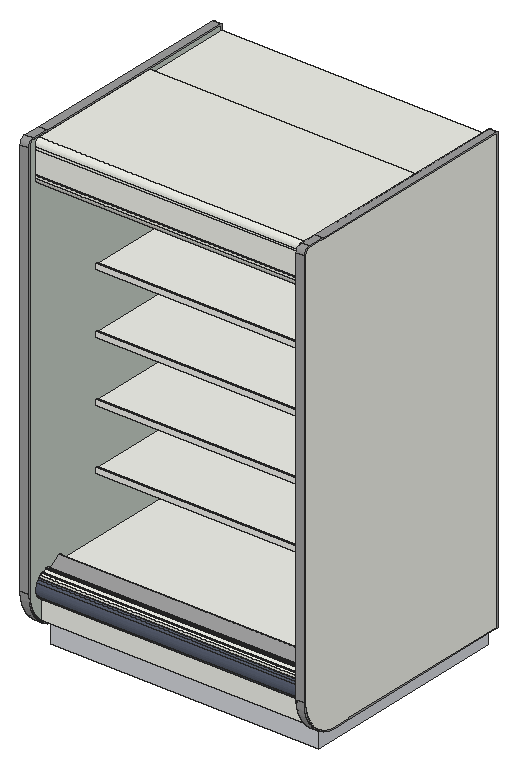
Revit family "D5X-ULEP_2014", category Specialty Equipment, Revit 2014
Parameters (values of type "4'-0" Length")
  Width = 48 3/8"
  Waste Drain = 1 1/4"  # constant formula
  URL = "www.hussmann.com"
  Type Comments = "Excel"  # constant formula
  Trim = Stainless Steel
  Total Weight = Case Weight + (2 * End Weight)  # 1000.00 lbf
  Top Clearance = 3"  # constant formula
  Splashguard = Textured Sheet Metal (Steel Painted) - 701 Black
  Shelves = Sheet Metal (Steel Painted) - 700 Interior White
  Shelf Lights [instance] = yes
  Revit Family Date = "08/24/2015"  # constant formula
  Refrigeration Lines Suction = 7/8"  # constant formula
  Refrigeration Lines Liquid = 3/8"  # constant formula
  Refrig. Suction = "Suction"
  Refrig. Liquid = "Liquid"
  Number of Supports = if(Width < 50", 2, if(Width < 100", 3, 4))  # 2
  Number of Shelves = 5  # constant formula
  Note from Manufacturer = "This model only comes in 4'-0\", 6'-0\", 8'-0\" and 12'-0\" lengths."
  Model URL = "http://www.hussmann.com/en/product%20viewer/display-cases/D5X-ULEP,%20D6X-ULEP"
  Model = "D5X-ULEP"  # constant formula
  Manufacturer Disclaimer = "The information in this file is not intended to be an exact representation of the corresponding Hussmann product.  Further, we reserve the right to change or revise specifications and product design in connection with any feature of our products. Such changes do not entitle the buyer to corresponding changes, improvements, additions, or replacements for equipment previously sold or shipped."  # constant formula
  Manufacturer = "Hussmann Corporation"  # constant formula
  Height = 83 1/4"  # constant formula
  Ends = Textured Sheet Metal (Steel Painted) - 149 White Satin Matte
  End Weight = 100.00 lbf  # constant formula
  Description = "Ultra Low Front Dairy, Traditional Height"  # constant formula
  Depth = 42"  # constant formula
  Cutsheet URL = "http://www.hussmann.com/en/Technical%20Documents/0495782_H_D5X-ULEP.pdf"
  Close Off Panel = Textured Sheet Metal (Steel Painted) - 701 Black
  Clearance [instance] = yes
  Case Weight = if(Width = 48 3/8", 800.00 lbf, if(Width = 72 3/8", 1000.00 lbf, if(Width = 96 3/8", 1200.00 lbf, if(Width = 144 1/2", 1600.00 lbf, 0.00 lbf))))  # 800.00 lbf
  Case Interior - Side Panel = Mirror
  Case Interior - Back Panel = Sheet Metal (Steel Painted) - 700 Interior White
  Case = Textured Sheet Metal (Steel Painted) - 149 White Satin Matte
  Bumper = Extruded PVC - 739 Royal Blue
  Back Clearance = 3"  # constant formula
  Assembly Code = ""
  Accessories/Options = ""
Types (4): name | Width | Total Weight | Number of Supports | Case Weight
  12'-0" Length | 144 1/2" | 1800.00 lbf | 4 | 1600.00 lbf
  8'-0" Length | 96 3/8" | 1400.00 lbf | 3 | 1200.00 lbf
  6'-0" Length | 72 3/8" | 1200.00 lbf | 3 | 1000.00 lbf
  4'-0" Length | 48 3/8" | 1000.00 lbf | 2 | 800.00 lbf
Reference planes (in)
  plane 1 "Back": y = 0
  plane 2 "Bottom": z = 0
  plane 3 "Top": z = 83.25
  plane 4 "Left": x = -77.30699
  plane 5 "Front": y = -42
  plane 6 "Center (Left/Right)": x = -53.11949
  plane 7: y = 3
  plane 8: x = -78.80699
  plane 9 "Right": x = -28.93199
  plane 10: x = -27.43199
  plane 11: z = 24
  plane 12: z = 68
  plane 13: z = 86.25
Forms (in)
  Extrusion 1, solid, material "Metal - Copper"
    sketch origin (56.68999, 5, -0.375) x (1, 0, 0) y (0, 1, 0)
      loop
        circle (-94.87198, -31.25) r 0.4375
      loop
        circle (-94.87198, -31.25) r 0.41359
    from 3.45473 to 0.375
  Extrusion 2, solid, material "Metal - Copper"
    sketch origin (60.76358, 5, -0.375) x (1, 0, 0) y (0, 1, 0)
      loop
        circle (-96.44557, -31.25) r 0.1875
      loop
        circle (-96.44557, -31.25) r 0.17284
    from 3.45473 to 0.375
  Extrusion 3, solid, material "Metal - Copper"
    sketch origin (-104.75, 1.04319, 0) x (1, 0, 0) y (0, 1, 0)
      loop
        arc (38.98281, -32.66819) -> (39.15421, -33.08199) -> (39.56801, -33.25339) r 0.5852
        arc (39.56801, -33.25339) -> (39.98181, -33.08199) -> (40.15321, -32.66819) r 0.5852
        arc (40.15321, -32.66819) -> (39.98181, -32.25439) -> (39.56801, -32.08299) r 0.5852
        arc (39.56801, -32.08299) -> (39.15421, -32.25439) -> (38.98281, -32.66819) r 0.5852
      loop
        arc (40.19301, -32.66819) -> (40.00996, -32.22625) -> (39.56801, -32.04319) r 0.625
        arc (39.56801, -32.04319) -> (39.12607, -32.22625) -> (38.94301, -32.66819) r 0.625
        arc (38.94301, -32.66819) -> (39.12607, -33.11013) -> (39.56801, -33.29319) r 0.625
        arc (39.56801, -33.29319) -> (40.00996, -33.11013) -> (40.19301, -32.66819) r 0.625
    from 3.07973 to 0
  Extrusion 4, solid, material "Textured Sheet Metal (Steel Painted) - 149 White Satin Matte" <- "Case"
    sketch origin (-77.30699, 0, 0) x (0, 1, 0) y (0, 0, 1)
      loop
        line (-39.44712, 8.69031) -> (-39.44712, 10.43201) -> (-38.73963, 10.43201) -> (-38.73963, 12.45299)
        arc (-38.73963, 12.45299) -> (-38.82719, 12.66353) -> (-39.03822, 12.74991) r 0.29693
        arc (-39.03822, 12.74991) -> (-39.16002, 12.74539) -> (-39.28129, 12.73322) r 1.93575
        arc (-39.28129, 12.73322) -> (-39.2917, 12.72189) -> (-39.28241, 12.70963) r 0.012
        line (-39.28241, 12.70963) -> (-39.23954, 12.69974)
        arc (-39.23954, 12.69974) -> (-39.23031, 12.68667) -> (-39.24227, 12.67605) r 0.012
        line (-39.24227, 12.67605) -> (-39.51925, 12.67693)
        arc (-39.51925, 12.67693) -> (-39.53123, 12.66573) -> (-39.5208, 12.65307) r 0.01198
        line (-39.5208, 12.65307) -> (-39.47713, 12.6475)
        arc (-39.47713, 12.6475) -> (-39.46666, 12.63614) -> (-39.47605, 12.62388) r 0.012
        line (-39.47605, 12.62388) -> (-40.42888, 12.41247)
        arc (-40.42888, 12.41247) -> (-40.44257, 12.41961) -> (-40.43789, 12.43433) r 0.012
        line (-40.43789, 12.43433) -> (-40.40068, 12.45785)
        arc (-40.40068, 12.45785) -> (-40.39657, 12.47373) -> (-40.41217, 12.47881) r 0.01198
        line (-40.41217, 12.47881) -> (-40.66278, 12.36087)
        arc (-40.66278, 12.36087) -> (-40.67804, 12.36532) -> (-40.6755, 12.38101) r 0.012
        line (-40.6755, 12.38101) -> (-40.64147, 12.4089)
        arc (-40.64147, 12.4089) -> (-40.63895, 12.42462) -> (-40.65425, 12.42901) r 0.012
        arc (-40.65425, 12.42901) -> (-40.78987, 12.35728) -> (-40.91921, 12.27474) r 1.88204
        arc (-40.91921, 12.27474) -> (-40.94123, 12.24971) -> (-40.94917, 12.21732) r 0.07
        line (-40.94917, 12.21732) -> (-40.94917, 11.82113) -> (-40.60612, 11.82113) -> (-40.60612, 4.87131) -> (-39.91926, 4.87131)
        arc (-39.91926, 4.87131) -> (-39.87769, 4.89531) -> (-39.87769, 4.94331) r 0.048
        line (-39.87769, 4.94331) -> (-40.23112, 5.55547) -> (-40.23112, 5.66258) -> (-33.66689, 2.18201) -> (-6.66448, 2.18201) -> (0, 5.72557) -> (0, 82.44565) -> (-16.26468, 82.44565) -> (-16.26468, 83.24964) -> (-41.06494, 83.24964)
        arc (-41.06494, 83.24964) -> (-41.77204, 82.95674) -> (-42.06494, 82.24964) r 1
        line (-42.06494, 82.24964) -> (-42.06494, 81.77079) -> (-41.95032, 81.77079) -> (-41.95032, 77.52079) -> (-42.06494, 77.52079) -> (-42.06494, 76.99994)
        arc (-42.06494, 76.99994) -> (-41.77204, 76.29283) -> (-41.06494, 75.99994) r 1
        arc (-41.06494, 75.99994) -> (-40.99861, 76.04088) -> (-40.93541, 76.08651) r 1.07976
        line (-40.93541, 76.08651) -> (-40.58872, 76.08651) -> (-40.58872, 78.50964) -> (-35.72299, 78.50964) -> (-35.72299, 77.3986) -> (-35.02799, 77.3986) -> (-35.02799, 77.81964) -> (-35.2097, 77.81964) -> (-35.2097, 78.87964) -> (-6.46217, 78.87964) -> (-6.46217, 11.92451) -> (-22.18913, 10.38247)
        arc (-22.18913, 10.38247) -> (-23.61328, 9.85692) -> (-24.59783, 8.70146) r 3
        arc (-24.59783, 8.70146) -> (-26.92864, 7.07481) -> (-29.53102, 8.21776) r 2.903
        arc (-29.53102, 8.21776) -> (-30.72125, 9.15998) -> (-32.22035, 9.3989) r 3
        line (-32.22035, 9.3989) -> (-39.44712, 8.69031)
    from 0 to 48.375
  Extrusion 5, solid, material "Extruded PVC - 739 Royal Blue" <- "Bumper"
    sketch origin (-77.30699, 0, 0) x (0, 1, 0) y (0, 0, 1)
      loop
        arc (-40.94917, 11.82113) -> (-41.04462, 11.8534) -> (-41.13928, 11.81889) r 0.152
        line (-41.13928, 11.81889) -> (-41.35122, 11.64488)
        arc (-41.35122, 11.64488) -> (-41.54288, 11.47244) -> (-41.68297, 11.25599) r 0.98053
        arc (-41.68297, 11.25599) -> (-41.90937, 10.24959) -> (-41.68297, 9.24318) r 2.35
        arc (-41.68297, 9.24318) -> (-41.54106, 9.02462) -> (-41.3466, 8.85114) r 0.98053
        line (-41.3466, 8.85114) -> (-41.13894, 8.68165)
        arc (-41.13894, 8.68165) -> (-41.03517, 8.6476) -> (-40.93535, 8.69193) r 0.152
        line (-40.93535, 8.69193) -> (-40.60612, 9.02115) -> (-40.60612, 11.82113) -> (-40.94917, 11.82113)
    from 0 to 48.375
  Extrusion 6, solid, material "Sheet Metal (Steel Painted) - 700 Interior White" <- "Shelves"
    sketch origin (-77.30699, 0, 0) x (0, 1, 0) y (0, 0, 1)
      loop
        line (-36.24712, 9.00407) -> (-36.24712, 12.07382) -> (-6.54794, 12.07382) -> (-6.54794, 12.71582) -> (-36.81494, 12.71582) -> (-36.81494, 8.94839) -> (-36.24712, 9.00407)
    from 0 to 48.375
  Extrusion 7, solid, material "Textured Sheet Metal (Steel Painted) - 149 White Satin Matte" <- "Ends"
    sketch origin (-77.30699, 0, 0) x (0, 1, 0) y (0, 0, 1)
      loop
        line (-43.19981, 82.42484) -> (-43.19981, 10.1022)
        arc (-43.19981, 10.1022) -> (-41.14298, 5.13656) -> (-36.17734, 3.07973) r 7.02247
        line (-36.17734, 3.07973) -> (-33.25876, 3.07973) -> (-33.25876, 3.15365) -> (0.0409, 3.15365) -> (0.0409, 3.20381) -> (0.09106, 3.20381) -> (0.09106, 83.25) -> (0.0409, 83.25) -> (0.0409, 83.30365) -> (-39.33165, 83.30365) -> (-39.33165, 83.42805) -> (-42.1966, 83.42805)
        arc (-42.1966, 83.42805) -> (-42.90598, 83.13422) -> (-43.19981, 82.42484) r 1.00321
    from 0 to -1.5
  Extrusion 8, solid, material "Mirror" <- "Case Interior - Side Panel"
    sketch origin (-77.30699, 0, 0) x (0, 1, 0) y (0, 0, 1)
      loop
        line (-43.19981, 82.42484) -> (-43.19981, 10.1022)
        arc (-43.19981, 10.1022) -> (-41.14298, 5.13656) -> (-36.17734, 3.07973) r 7.02247
        line (-36.17734, 3.07973) -> (-33.25876, 3.07973) -> (-33.25876, 3.15365) -> (0.0409, 3.15365) -> (0.0409, 3.20381) -> (0.09106, 3.20381) -> (0.09106, 83.25) -> (0.0409, 83.25) -> (0.0409, 83.30365) -> (-39.33165, 83.30365) -> (-39.33165, 83.42805) -> (-42.1966, 83.42805)
        arc (-42.1966, 83.42805) -> (-42.90598, 83.13422) -> (-43.19981, 82.42484) r 1.00321
    from 0 to 0.03125
  Extrusion 9, solid, material "Textured Sheet Metal (Steel Painted) - 149 White Satin Matte" <- "Ends"
    sketch origin (67.19301, 0, 0) x (0, 1, 0) y (0, 0, -1)
      loop
        arc (-43.19981, -82.42484) -> (-42.90598, -83.13422) -> (-42.1966, -83.42805) r 1.00321
        line (-42.1966, -83.42805) -> (-39.33165, -83.42805) -> (-39.33165, -83.30365) -> (0.0409, -83.30365) -> (0.0409, -83.25) -> (0.09106, -83.25) -> (0.09106, -3.20381) -> (0.0409, -3.20381) -> (0.0409, -3.15365) -> (-33.25876, -3.15365) -> (-33.25876, -3.07973) -> (-36.17734, -3.07973)
        arc (-36.17734, -3.07973) -> (-41.14298, -5.13656) -> (-43.19981, -10.1022) r 7.02247
        line (-43.19981, -10.1022) -> (-43.19981, -82.42484)
    from 96.125 to 94.625
  Extrusion 10, solid, material "Mirror" <- "Case Interior - Side Panel"
    sketch origin (-28.93199, 0, 0) x (0, 1, 0) y (0, 0, -1)
      loop
        line (-43.19981, -10.01115) -> (-43.19981, -82.42484)
        arc (-43.19981, -82.42484) -> (-42.90598, -83.13422) -> (-42.1966, -83.42805) r 1.00321
        line (-42.1966, -83.42805) -> (-39.33165, -83.42805) -> (-39.33165, -83.30365) -> (0.0409, -83.30365) -> (0.0409, -83.25) -> (0.09106, -83.25) -> (0.09106, -3.20381) -> (0.0409, -3.20381) -> (0.0409, -3.15365) -> (-33.25876, -3.15365) -> (-33.25876, -3.07973) -> (-36.26839, -3.07973)
        arc (-36.26839, -3.07973) -> (-41.16965, -5.10989) -> (-43.19981, -10.01115) r 6.93142
    from 0 to 0.03125
  Sweep 11, solid
    path origin (0, 0, 0) x (1, 0, 0) y (0, 1, 0)
      loop
        line (-77.30699, 0) -> (-77.30699, -38.34002) -> (-28.93199, -38.34002) -> (-28.93199, 0)
    profile origin (-53.11949, -38.34002, 0) x (0, 1, 0) y (0, 0, 1)
      loop
        line (0.375, 0) -> (0.375, 4.46102) -> (-0.00039, 4.66006) -> (-0.00039, 0) -> (0.375, 0)
  Extrusion 12, solid, material "Stainless Steel" <- "Trim"
    sketch origin (-27.43199, 0, 0) x (0, -1, 0) y (0, 0, -1)
      loop
        line (39.33165, -83.30365) -> (39.33165, -83.42805) -> (42.1966, -83.42805)
        arc (42.1966, -83.42805) -> (42.90598, -83.13422) -> (43.19981, -82.42484) r 1.00321
        line (43.19981, -82.42484) -> (43.19981, -10.01115)
        arc (43.19981, -10.01115) -> (41.16965, -5.10989) -> (36.26839, -3.07973) r 6.93142
        line (36.26839, -3.07973) -> (33.25876, -3.07973) -> (33.25876, -3.15365) -> (-0.0409, -3.15365) -> (-0.0409, -3.20381) -> (-0.09106, -3.20381) -> (-0.09106, -83.25) -> (-0.0409, -83.25) -> (-0.0409, -83.30365) -> (39.33165, -83.30365)
      loop
        arc (43.32481, -10.01115) -> (41.25803, -5.02151) -> (36.26839, -2.95473) r 7.05642
        line (36.26839, -2.95473) -> (33.13376, -2.95473) -> (33.13376, -3.08314) -> (-0.1659, -3.08314) -> (-0.1659, -3.1333) -> (-0.21606, -3.1333) -> (-0.21606, -83.37849) -> (-0.1659, -83.37849) -> (-0.1659, -83.42865) -> (39.20665, -83.42865) -> (39.20665, -83.55305) -> (42.1966, -83.55305)
        arc (42.1966, -83.55305) -> (42.99437, -83.22261) -> (43.32481, -82.42484) r 1.12821
        line (43.32481, -82.42484) -> (43.32481, -10.01115)
    from 0 to -1.5
  Extrusion 13, solid, material "Metal - Copper"
    sketch origin (-80.625, 1.04319, 0) x (1, 0, 0) y (0, 1, 0)
      loop
        arc (38.98281, -32.66819) -> (39.15421, -33.08199) -> (39.56801, -33.25339) r 0.5852
        arc (39.56801, -33.25339) -> (39.98181, -33.08199) -> (40.15321, -32.66819) r 0.5852
        arc (40.15321, -32.66819) -> (39.98181, -32.25439) -> (39.56801, -32.08299) r 0.5852
        arc (39.56801, -32.08299) -> (39.15421, -32.25439) -> (38.98281, -32.66819) r 0.5852
      loop
        arc (40.19301, -32.66819) -> (40.00996, -32.22625) -> (39.56801, -32.04319) r 0.625
        arc (39.56801, -32.04319) -> (39.12607, -32.22625) -> (38.94301, -32.66819) r 0.625
        arc (38.94301, -32.66819) -> (39.12607, -33.11013) -> (39.56801, -33.29319) r 0.625
        arc (39.56801, -33.29319) -> (40.00996, -33.11013) -> (40.19301, -32.66819) r 0.625
    from 3.07973 to 0
  Extrusion 14, solid, material "Stainless Steel" <- "Trim"
    sketch origin (-78.80699, 0, 0) x (0, -1, 0) y (0, 0, 1)
      loop
        line (-0.0409, 83.30365) -> (-0.0409, 83.25) -> (-0.09106, 83.25) -> (-0.09106, 3.20381) -> (-0.0409, 3.20381) -> (-0.0409, 3.15365) -> (33.25876, 3.15365) -> (33.25876, 3.07973) -> (36.17734, 3.07973)
        arc (36.17734, 3.07973) -> (41.14298, 5.13656) -> (43.19981, 10.1022) r 7.02247
        line (43.19981, 10.1022) -> (43.19981, 82.42484)
        arc (43.19981, 82.42484) -> (42.90598, 83.13422) -> (42.1966, 83.42805) r 1.00321
        line (42.1966, 83.42805) -> (39.33165, 83.42805) -> (39.33165, 83.30365) -> (-0.0409, 83.30365)
      loop
        line (-0.21606, 83.37849) -> (-0.21606, 3.07881) -> (-0.1659, 3.07881) -> (-0.1659, 3.02865) -> (33.13376, 3.02865) -> (33.13376, 2.95473) -> (36.17734, 2.95473)
        arc (36.17734, 2.95473) -> (41.23136, 5.04818) -> (43.32481, 10.1022) r 7.14747
        line (43.32481, 10.1022) -> (43.32481, 82.42484)
        arc (43.32481, 82.42484) -> (42.99437, 83.22261) -> (42.1966, 83.55305) r 1.12821
        line (42.1966, 83.55305) -> (39.20665, 83.55305) -> (39.20665, 83.42865) -> (-0.1659, 83.42865) -> (-0.1659, 83.37849) -> (-0.21606, 83.37849)
    from 0 to -1.53125
  Extrusion 15, solid, material "Stainless Steel" <- "Trim"
    sketch origin (-77.30699, 0, 0) x (0, 1, 0) y (0, 0, 1)
      loop
        line (-36.36912, 12.71582) -> (-36.36912, 13.54476)
        arc (-36.36912, 13.54476) -> (-36.48544, 13.73984) -> (-36.71237, 13.73026) r 0.22175
        line (-36.71237, 13.73026) -> (-38.73963, 12.4025) -> (-38.73963, 11.50775) -> (-38.44037, 11.80701) -> (-36.81494, 11.80701) -> (-36.81494, 12.71582) -> (-36.36912, 12.71582)
    from 0 to 48.375 <- "Width"
Lines and regions (in)
  reference lines
    curve 1: line (-74.80699, -42, 0) -> (-74.80699, 0, 0)
    curve 2: line (-65.18199, -42, 0) -> (-65.18199, 0, 0)
    curve 3: line (-41.05699, -42, 0) -> (-41.05699, 0, 0)
    curve 4: line (-31.43199, -42, 0) -> (-31.43199, 0, 0)
    curve 5: line (-36.93199, -42, 0) -> (-36.93199, 0, 0)
    curve 6: line (-77.30699, -31.625, 0) -> (-28.93199, -31.625, 0)
    curve 7: line (-28.93199, -26.25, 0) -> (-77.30699, -26.25, 0)
  model lines
    curve 8: line (-76.18199, -33.5, 0) -> (-29.05699, -33.5, 0)
  symbolic lines, style "Speciality Equipment-Dashed", visible <- "Clearance"
    curve 9: line (-78.80699, 0, 0) -> (-78.80699, 3, 0)
    curve 10: line (-78.80699, 3, 0) -> (-27.43199, 3, 0)
    curve 11: line (-27.43199, 3, 0) -> (-27.43199, -0.05016, 0)
Dimensions and locks (in)
  equal spacing: plane 4 "Left", plane 6 "Center (Left/Right)", plane 9 "Right"
  locked: plane 8 to plane 4 "Left" at 1.5
  "Width": plane 4 "Left" to plane 9 "Right"
  locked: plane 4 "Left" to curve 1 at 2.5
  locked: plane 4 "Left" to curve 2 at 12.125
  locked: curve 4 to plane 9 "Right" at 2.5
  locked: curve 3 to plane 9 "Right" at 12.125
  "Depth": plane 5 "Front" to plane 1 "Back"
  "Back Clearance": plane 1 "Back" to plane 7
  locked: curve 5 to plane 9 "Right" at 8
  "Height": plane 3 "Top" to level
  locked: plane 1 "Back" to curve 6 at 31.625
  plane 1 "Back" to curve 7 = 26 1/4"
  locked: plane 9 "Right" to plane 10 at 1.5
  locked: plane 11 to level at 24
  locked: plane 12 to level at 68
  "Top Clearance": plane 13 to plane 3 "Top"
  group 1 to group 2 = 43 3/8"
  group 1 to group 2 = 0"  (x2)
  equal spacing: group 3, group 5, group 6, group 11, group 4  (x3)
  equal spacing: group 7, group 9, group 10, group 12, group 8  (x3)
  locked: Extrusion 10 to plane 9 "Right" at 0.03125
  locked: plane 4 "Left" to Extrusion 8 at 0.03125
  aligned and locked: plane 5 "Front" to curve 3
  aligned and locked: plane 5 "Front" to curve 4
  aligned and locked: plane 5 "Front" to curve 2
  aligned and locked: plane 5 "Front" to curve 1
  aligned and locked: plane 4 "Left" to curve 6
  aligned and locked: plane 4 "Left" to curve 7
  aligned and locked: plane 9 "Right" to curve 7
  aligned and locked: plane 9 "Right" to curve 6
  aligned and locked: Extrusion 1 to level
  aligned and locked: Extrusion 2 to level
  aligned and locked: curve 7 to Extrusion 2 sketch curve  (x2)
  aligned and locked: curve 7 to Extrusion 1 sketch curve  (x2)
  aligned and locked: curve 6 to Extrusion 3 sketch curve  (x4)
  aligned and locked: plane 9 "Right" to Extrusion 4
  aligned and locked: Extrusion 4 to plane 4 "Left"
  aligned and locked: plane 9 "Right" to Extrusion 6
  aligned and locked: Extrusion 6 to plane 4 "Left"
  aligned and locked: plane 9 "Right" to Extrusion 5
  aligned and locked: Extrusion 5 to plane 4 "Left"
  aligned and locked: curve 1 to nested 1
  aligned and locked: curve 4 to nested 2
  aligned and locked: plane 8 to Extrusion 7
  aligned and locked: plane 4 "Left" to Extrusion 7
  aligned and locked: plane 10 to Extrusion 9
  aligned and locked: Extrusion 9 to plane 9 "Right"
  aligned and locked: Sweep 11 sketch curve to plane 9 "Right"
  aligned and locked: plane 4 "Left" to Sweep 11 sketch curve
  aligned and locked: nested 5 to nested 9  (x2)
  aligned and locked: nested 6 to nested 10  (x2)
  aligned and locked: nested 4 to nested 8  (x2)
  aligned and locked: plane 4 "Left" to nested 7
  aligned and locked: plane 4 "Left" to nested 8
  aligned and locked: plane 4 "Left" to nested 11
  aligned and locked: curve 11 to plane 10
  aligned and locked: curve 10 to plane 7
  aligned and locked: curve 9 to plane 8
  aligned and locked: Extrusion 12 sketch curve to Extrusion 10  (x12)
  aligned and locked: Extrusion 9 to Extrusion 12
  aligned and locked: Extrusion 12 to Extrusion 10
  aligned and locked: curve 2 to Extrusion 3 sketch curve  (x3)
  aligned and locked: curve 3 to Extrusion 13 sketch curve  (x2)
  aligned and locked: curve 6 to Extrusion 13 sketch curve  (x2)
  aligned and locked: Extrusion 7 to Extrusion 14
  aligned and locked: Extrusion 4 to nested 11
Automatic sketch dimensions
  plane 1 "Back" to curve 9 = 0"
  plane 4 "Left" to curve 8 = 1 1/8"
  curve 8 to plane 9 "Right" = 1/8"
  plane 1 "Back" to curve 11 = 0.05016"
  plane 5 "Front" to curve 8 = 8 1/2"
  Extrusion 1 sketch curve to Extrusion 1 sketch curve = 0"  (x4)
  Extrusion 1 sketch curve to plane 9 "Right" = 9 1/4"
  Extrusion 1 sketch curve to Extrusion 1 sketch curve = 0.41359"
  Extrusion 2 sketch curve to Extrusion 2 sketch curve = 0"  (x4)
  Extrusion 2 sketch curve to plane 9 "Right" = 6 3/4"
  Extrusion 2 sketch curve to Extrusion 2 sketch curve = 0.17284"
  curve 5 to plane 5 "Front" = 0"
  plane 1 "Back" to curve 3 = 0"
  plane 1 "Back" to curve 2 = 0"
  plane 1 "Back" to curve 1 = 0"
  plane 1 "Back" to curve 4 = 0"
  plane 1 "Back" to curve 5 = 0"
  Extrusion 3 sketch curve to Extrusion 3 sketch curve = 0.5852"
  Extrusion 3 sketch curve to Extrusion 3 sketch curve = 0.0398"
  Extrusion 8 sketch curve to Extrusion 7 = 0"  (x7)
  Extrusion 7 to Extrusion 8 sketch curve = 0"  (x3)
  Extrusion 8 sketch curve to Extrusion 7 = 1.00321"
  Extrusion 9 sketch curve to plane 1 "Back" = 0.09106"
  Extrusion 9 sketch curve to plane 1 "Back" = 0.0409"  (x2)
  level to Extrusion 9 sketch curve = 3.07973"
  plane 5 "Front" to Extrusion 9 sketch curve = 8.74124"
  plane 5 "Front" to Extrusion 9 sketch curve = 5.82266"
  Extrusion 9 sketch curve to plane 3 "Top" = 0.05365"
  plane 5 "Front" to Extrusion 9 sketch curve = 2.66835"
  Extrusion 9 sketch curve to plane 5 "Front" = 0.1966"
  Extrusion 9 sketch curve to plane 5 "Front" = 1.19981"
  Extrusion 9 sketch curve to Extrusion 9 sketch curve = 0.1244"
  Extrusion 9 sketch curve to plane 3 "Top" = 0"
  level to Extrusion 9 sketch curve = 3.20381"
  Extrusion 9 sketch curve to Extrusion 9 sketch curve = 0.05016"
  Extrusion 10 sketch curve to Extrusion 9 = 0"  (x8)
  Extrusion 9 to Extrusion 10 sketch curve = 0"  (x2)
  Extrusion 10 sketch curve to Extrusion 9 = 3.00963"
  plane 1 "Back" to Sweep 11 sketch curve = 0"  (x2)
  plane 5 "Front" to Sweep 11 sketch curve = 3.65998"
  Sweep 11 sketch curve to level = 0"
  profile plane to Sweep 11 sketch curve = 0.00039"
  Sweep 11 sketch curve to profile plane = 3/8"
  Sweep 11 sketch curve to Sweep 11 sketch curve = 4.46102"
  Extrusion 12 sketch curve to Extrusion 12 sketch curve = 0"  (x2)
  Extrusion 12 sketch curve to Extrusion 9 = 0.00341"
  Extrusion 9 to Extrusion 12 sketch curve = 0.07484"  (x2)
  Extrusion 12 sketch curve to Extrusion 12 sketch curve = 0.05016"  (x2)
  Extrusion 9 to Extrusion 12 sketch curve = 1/8"  (x2)
  Extrusion 9 to Extrusion 12 sketch curve = 0.0006"
  Extrusion 12 sketch curve to Extrusion 9 = 0.04956"
  Extrusion 13 sketch curve to Extrusion 13 sketch curve = 0"  (x2)
  Extrusion 13 sketch curve to Extrusion 13 sketch curve = 0.5852"
  Extrusion 13 sketch curve to Extrusion 13 sketch curve = 0.0398"
  Extrusion 4 sketch curve to plane 1 "Back" = 0"
  plane 3 "Top" to Extrusion 4 sketch curve = 1.00036"
  plane 5 "Front" to Extrusion 4 sketch curve = 0.93506"  (x2)
  plane 5 "Front" to Extrusion 4 sketch curve = 0.40141"
  plane 5 "Front" to Extrusion 4 sketch curve = 0.04968"
  Extrusion 4 sketch curve to plane 5 "Front" = 0.06494"  (x2)
  Extrusion 4 sketch curve to Extrusion 4 sketch curve = 0.12953"
  Extrusion 4 sketch curve to Extrusion 4 sketch curve = 0.00761"  (x2)
  Extrusion 4 sketch curve to Extrusion 4 sketch curve = 0.00511"
  plane 5 "Front" to Extrusion 4 sketch curve = 1.41128"
  Extrusion 4 sketch curve to Extrusion 4 sketch curve = 0.00641"
  Extrusion 4 sketch curve to Extrusion 4 sketch curve = 0.0026"  (x2)
  Extrusion 4 sketch curve to Extrusion 4 sketch curve = 0.0051"
  Extrusion 4 sketch curve to Extrusion 4 sketch curve = 0.0064"
  Extrusion 4 sketch curve to Extrusion 4 sketch curve = 3/8"
  Extrusion 4 sketch curve to Extrusion 4 sketch curve = 0.68686"
  Extrusion 4 sketch curve to Extrusion 4 sketch curve = 0.04157"
  Extrusion 4 sketch curve to Extrusion 4 sketch curve = 0.00152"  (x2)
  Extrusion 4 sketch curve to Extrusion 4 sketch curve = 0.00004"  (x2)
  Extrusion 4 sketch curve to Extrusion 4 sketch curve = 1.159"
  Extrusion 4 sketch curve to Extrusion 4 sketch curve = 0.20572"
  Extrusion 4 sketch curve to Extrusion 4 sketch curve = 0.29693"
  Extrusion 4 sketch curve to Extrusion 4 sketch curve = 4.86573"
  Extrusion 4 sketch curve to Extrusion 4 sketch curve = 0.51329"
  Extrusion 4 sketch curve to Extrusion 4 sketch curve = 0.18171"
  level to Extrusion 4 sketch curve = 2.18201"
  Extrusion 4 sketch curve to Extrusion 4 sketch curve = 6.2108"
  Extrusion 4 sketch curve to Extrusion 4 sketch curve = 6.51928"
  Extrusion 4 sketch curve to Extrusion 4 sketch curve = 0.29275"  (x2)
  Extrusion 4 sketch curve to Extrusion 4 sketch curve = 5.00843"
  Extrusion 4 sketch curve to Extrusion 4 sketch curve = 5.0228"
  plane 3 "Top" to Extrusion 4 sketch curve = 0.80435"
  plane 1 "Back" to Extrusion 4 sketch curve = 16.26468"
  plane 1 "Back" to Extrusion 4 sketch curve = 6.66448"
  plane 1 "Back" to Extrusion 4 sketch curve = 6.46217"
  level to Extrusion 4 sketch curve = 4.87131"
  Extrusion 4 sketch curve to Extrusion 4 sketch curve = 0.048"
  Extrusion 4 sketch curve to Extrusion 4 sketch curve = 0.61216"
  Extrusion 4 sketch curve to Extrusion 4 sketch curve = 0.10711"
  level to Extrusion 4 sketch curve = 5.72557"
  Extrusion 4 sketch curve to Extrusion 4 sketch curve = 4.23121"
  level to Extrusion 4 sketch curve = 7.39679"
  Extrusion 4 sketch curve to Extrusion 4 sketch curve = 2.04053"
  Extrusion 4 sketch curve to Extrusion 4 sketch curve = 2.98568"  (x2)
  Extrusion 4 sketch curve to Extrusion 4 sketch curve = 0.56506"
  Extrusion 4 sketch curve to Extrusion 4 sketch curve = 0.29882"
  Extrusion 4 sketch curve to Extrusion 4 sketch curve = 6.19894"
  Extrusion 4 sketch curve to Extrusion 4 sketch curve = 0.22306"
  Extrusion 4 sketch curve to Extrusion 4 sketch curve = 6.16313"
  Extrusion 4 sketch curve to Extrusion 4 sketch curve = 0.8521"
  plane 3 "Top" to Extrusion 4 sketch curve = 5.8514"
  Extrusion 4 sketch curve to Extrusion 4 sketch curve = 0.52085"
  Extrusion 4 sketch curve to Extrusion 4 sketch curve = 0.42104"
  Extrusion 4 sketch curve to Extrusion 4 sketch curve = 0.69"
  plane 3 "Top" to Extrusion 4 sketch curve = 4.37036"
  Extrusion 4 sketch curve to Extrusion 4 sketch curve = 0.47885"
  Extrusion 4 sketch curve to Extrusion 4 sketch curve = 0.34305"
  Extrusion 4 sketch curve to Extrusion 4 sketch curve = 0.0027"  (x2)
  Extrusion 4 sketch curve to Extrusion 4 sketch curve = 0"
  Extrusion 4 sketch curve to Extrusion 4 sketch curve = 0.39619"
  plane 5 "Front" to Extrusion 5 sketch curve = 0.64878"
  Extrusion 5 sketch curve to Extrusion 5 sketch curve = 0.21194"
  Extrusion 5 sketch curve to Extrusion 5 sketch curve = 0.20765"
  Extrusion 5 sketch curve to Extrusion 5 sketch curve = 0.09645"
  Extrusion 5 sketch curve to Extrusion 5 sketch curve = 0.09611"
  Extrusion 5 sketch curve to Extrusion 5 sketch curve = 0.10748"
  Extrusion 5 sketch curve to Extrusion 5 sketch curve = 0.24592"  (x2)
  Extrusion 5 sketch curve to Extrusion 5 sketch curve = 0.01027"
  Extrusion 5 sketch curve to Extrusion 5 sketch curve = 0.16949"
  Extrusion 5 sketch curve to Extrusion 5 sketch curve = 0.32922"
  Extrusion 5 sketch curve to Extrusion 5 sketch curve = 0.64195"
  Extrusion 5 sketch curve to Extrusion 5 sketch curve = 0.58649"
  Extrusion 5 sketch curve to Extrusion 5 sketch curve = 0.80881"
  Extrusion 5 sketch curve to Extrusion 5 sketch curve = 0.05652"
  Extrusion 5 sketch curve to Extrusion 5 sketch curve = 0.11748"
  Extrusion 5 sketch curve to Extrusion 5 sketch curve = 0"
  plane 5 "Front" to Extrusion 5 sketch curve = 0.6534"
  Extrusion 5 sketch curve to Extrusion 5 sketch curve = 0.09365"
  Extrusion 5 sketch curve to Extrusion 5 sketch curve = 1.23753"
  Extrusion 5 sketch curve to Extrusion 5 sketch curve = 1.17297"
  Extrusion 5 sketch curve to Extrusion 5 sketch curve = 0.34305"
  level to Extrusion 5 sketch curve = 11.82113"
  plane 3 "Top" to Extrusion 7 sketch curve = 0.82516"
  Extrusion 7 sketch curve to plane 5 "Front" = 1.19981"
  Extrusion 7 sketch curve to plane 5 "Front" = 0.1966"
  plane 5 "Front" to Extrusion 7 sketch curve = 2.66835"
  plane 5 "Front" to Extrusion 7 sketch curve = 5.82266"
  Extrusion 7 sketch curve to Extrusion 7 sketch curve = 2.91857"
  Extrusion 7 sketch curve to plane 1 "Back" = 0.0409"  (x2)
  Extrusion 7 sketch curve to Extrusion 7 sketch curve = 0.05016"  (x2)
  level to Extrusion 7 sketch curve = 10.1022"
  level to Extrusion 7 sketch curve = 3.20381"
  Extrusion 7 sketch curve to plane 3 "Top" = 0"
  Extrusion 7 sketch curve to Extrusion 7 sketch curve = 0.05365"
  Extrusion 14 sketch curve to Extrusion 7 = 0"  (x8)
  Extrusion 7 to Extrusion 14 sketch curve = 0"  (x2)
  Extrusion 14 sketch curve to Extrusion 7 = 2.91857"
  Extrusion 14 sketch curve to Extrusion 14 sketch curve = 0"  (x2)
  Extrusion 7 to Extrusion 14 sketch curve = 0.07484"  (x2)
  Extrusion 14 sketch curve to Extrusion 14 sketch curve = 0.05016"
  Extrusion 7 to Extrusion 14 sketch curve = 1/8"  (x2)
  Extrusion 7 to Extrusion 14 sketch curve = 0.05108"
  Extrusion 7 to Extrusion 14 sketch curve = 0.00092"
  Extrusion 14 sketch curve to Extrusion 7 = 0.04956"
  Extrusion 7 to Extrusion 14 sketch curve = 0.0006"
  plane 1 "Back" to Extrusion 6 sketch curve = 6.54794"
  Extrusion 6 sketch curve to Extrusion 6 sketch curve = 0.642"
  plane 5 "Front" to Extrusion 15 sketch curve = 5.28763"
  Extrusion 15 sketch curve to Extrusion 15 sketch curve = 0.1215"
  Extrusion 15 sketch curve to Extrusion 15 sketch curve = 0.22175"
  Extrusion 15 sketch curve to plane 11 = 10.45524"
  Extrusion 15 sketch curve to Extrusion 15 sketch curve = 2.37051"
  Extrusion 15 sketch curve to Extrusion 15 sketch curve = 0.82894"
  Extrusion 15 sketch curve to Extrusion 15 sketch curve = 0.31332"
  Extrusion 15 sketch curve to Extrusion 15 sketch curve = 0.29926"  (x2)
  Extrusion 15 sketch curve to Extrusion 15 sketch curve = 0.59549"
  Extrusion 15 sketch curve to Extrusion 15 sketch curve = 0.44582"
  plane 5 "Front" to Extrusion 6 sketch curve = 5.18506"
  Extrusion 6 sketch curve to Extrusion 6 sketch curve = 0.56782"
  level to Extrusion 6 sketch curve = 8.94839"
  Extrusion 6 sketch curve to Extrusion 6 sketch curve = 0.05568"
  Extrusion 6 sketch curve to Extrusion 6 sketch curve = 3.06975"
  Sweep 11 sketch curve to Sweep 11 sketch curve = 0.19905"
  radius of Extrusion 1 sketch curve = 7/16"
  radius of Extrusion 2 sketch curve = 3/16"
  radius of Extrusion 8 sketch curve to Extrusion 7 = 0"
  radius of Extrusion 10 sketch curve to Extrusion 9 = 0"
  radius of Extrusion 9 to Extrusion 12 sketch curve = 1/8"
  radius of Extrusion 14 sketch curve to Extrusion 7 = 0"
  radius of Extrusion 7 to Extrusion 14 sketch curve = 1/8"
Nested families (in)
  nested 1: "Floor Support-Low Profile" at (-74.6875, -4.76164, 0), type "Floor Support-Low Profile"
  nested 2: "Floor Support-Low Profile" at (-31.3125, -4.76164, 0), type "Floor Support-Low Profile"
  nested 3: "Shelf" at (0, -6.46217, 19.25), type "Shelf"
    with Width 48 3/8", Depth 22"
  nested 4: "Shelf" at (0, -6.46217, 63.25), type "Shelf"
    with Width 48 3/8", Depth 22"
  nested 5: "Shelf" at (0, -6.46217, 30.25), type "Shelf"
    with Width 48 3/8", Depth 22"
  nested 6: "Shelf" at (0, -6.46217, 41.25), type "Shelf"
    with Width 48 3/8", Depth 22"
  nested 7: "Light" at (-53.11949, -18.85415, -28.75), visible <- "Shelf Lights", type "Light"
    with Length 48 3/8"
  nested 8: "Light" at (-53.11949, -18.85415, 15.25), visible <- "Shelf Lights", type "Light"
    with Length 48 3/8"
  nested 9: "Light" at (-53.11949, -18.85415, -17.75), visible <- "Shelf Lights", type "Light"
    with Length 48 3/8"
  nested 10: "Light" at (-53.11949, -18.85415, -6.75), visible <- "Shelf Lights", type "Light"
    with Length 48 3/8"
  nested 11: "Light" at (-53.11949, -30.96564, 26.00964), type "Light"
    with Length 48 3/8"
  nested 12: "Shelf" at (0, -6.46217, 52.25), type "Shelf"
    with Width 48 3/8", Depth 22"
  nested 13: "Light" at (-53.11949, -18.85415, 4.25), visible <- "Shelf Lights", type "Light"
    with Length 48 3/8"
Connectors (in)
  piping at (-38.18199, -26.25, 0), diameter 0.875, driven by "Refrig. Suction", driven by "Refrigeration Lines Suction"
    settings: on Extrusion 1, index 9, connector inside diameter 7/8", connector length 0", flow factor 0, pipe flow 0 GPM, pressure drop 0.00 psi, fitting loss kfactor 0, connector angle 0.00°, fixture units 0, engagement length 0", angle of deflection 0.00°, flow configuration 0, flow direction 2, fitting loss method 0, system type 22, joint type 0, gender type 0, connector reference index -1, connector utility 0, adjustable connector no, is connector primary yes, connector description "Suction"
  piping at (-35.68199, -26.25, 0), diameter 0.375, driven by "Refrig. Liquid", driven by "Refrigeration Lines Liquid"
    settings: on Extrusion 2, index 10, connector inside diameter 3/8", connector length 0", flow factor 0, pipe flow 0 GPM, pressure drop 0.00 psi, fitting loss kfactor 0, connector angle 0.00°, fixture units 0, engagement length 0", angle of deflection 0.00°, flow configuration 0, flow direction 1, fitting loss method 0, system type 22, joint type 0, gender type 0, connector reference index -1, connector utility 0, adjustable connector no, is connector primary no, connector description "Liquid"
  piping at (-65.18199, -31.625, 0), diameter 1.25, driven by "Waste Drain"
    settings: on Extrusion 3, index 11, connector inside diameter 1 1/4", connector length 0", flow factor 0, pipe flow 0 GPM, pressure drop 0.00 psi, fitting loss kfactor 0, connector angle 0.00°, fixture units 0, engagement length 0", angle of deflection 0.00°, flow configuration 0, flow direction 0, fitting loss method 0, system type 16, joint type 0, gender type 0, connector reference index -1, connector utility 0, adjustable connector no, is connector primary no, connector description ""
  piping at (-41.05699, -31.625, 0), diameter 1.25, driven by "Waste Drain"
    settings: on Extrusion 13, index 12, connector inside diameter 1 1/4", connector length 0", flow factor 0, pipe flow 0 GPM, pressure drop 0.00 psi, fitting loss kfactor 0, connector angle 0.00°, fixture units 0, engagement length 0", angle of deflection 0.00°, flow configuration 0, flow direction 0, fitting loss method 0, system type 16, joint type 0, gender type 0, connector reference index -1, connector utility 0, adjustable connector no, is connector primary no, connector description ""
Definition of nested family "Floor Support-Low Profile"
  Parameters (values of type "Floor Support-Low Profile")
    Width = 4 1/4"
    URL = "www.hussmann.com"
    Type Comments = ""
    Revit Family Date = "06/25/2015"
    Model = ""
    Manufacturer = "Hussmann Corporation"
    Height = 2.18201"
    Floor Support = none
    Description = ""
    Depth = 26.227"
    Assembly Code = ""
    Accessories/Options = ""
  Reference planes (in)
    plane 1 "Back": y = 0
    plane 2 "Bottom": z = 0
    plane 3 "Top": z = 2.18201
    plane 4 "Left": x = -2.24449
    plane 5 "Right": x = 2.00551
    plane 6 "Front": y = -26.227
    plane 7 "Center (Left/Right)": x = -0.11949
  Forms (in)
    Extrusion 1, solid, material <- "Floor Support"
      sketch origin (-0.11949, 0, 0) x (0, 1, 0) y (0, 0, 1)
        loop
          line (-0.49701, 1.25001) -> (-0.49701, 0.05701) -> (-2.88301, 0.05701) -> (-2.88301, 1.25001) -> (-3.57001, 1.25001) -> (-3.57001, 1.193) -> (-2.94002, 1.193) -> (-2.94002, 0) -> (-0.44, 0) -> (-0.44, 1.25001) -> (-0.49701, 1.25001)
      from 2.125 to -2.125
    Extrusion 2, solid, material <- "Floor Support"
      sketch origin (-0.11949, 0, 0) x (0, 1, 0) y (0, 0, 1)
        loop
          line (-26.227, 2.18201) -> (-26.227, 1.25001) -> (0, 1.25001) -> (0, 3.17896) -> (-1.875, 2.18201) -> (-26.227, 2.18201)
      from 2.125 to -2.125
    Extrusion 3, solid, material <- "Floor Support"
      sketch origin (-0.11949, -26.227, 0) x (0, -1, 0) y (0, 0, -1)
        loop
          line (-0.49701, -1.25001) -> (-0.44, -1.25001) -> (-0.44, 0) -> (-2.94002, 0) -> (-2.94002, -1.193) -> (-3.57001, -1.193) -> (-3.57001, -1.25001) -> (-2.88301, -1.25001) -> (-2.88301, -0.05701) -> (-0.49701, -0.05701) -> (-0.49701, -1.25001)
      from 2.125 to -2.125
  Dimensions and locks (in)
    equal spacing: plane 4 "Left", plane 7 "Center (Left/Right)", plane 5 "Right"
    "Width": plane 4 "Left" to plane 5 "Right"
    "Depth": plane 6 "Front" to plane 1 "Back"
    "Height": plane 3 "Top" to level
    Extrusion 2 sketch curve to plane 1 "Back" = 1 7/8"
    aligned and locked: Extrusion 1 to plane 4 "Left"
    aligned and locked: plane 5 "Right" to Extrusion 1
    aligned and locked: Extrusion 2 to plane 4 "Left"
    aligned and locked: plane 5 "Right" to Extrusion 2
    aligned and locked: Extrusion 3 to plane 4 "Left"
    aligned and locked: plane 5 "Right" to Extrusion 3
  Automatic sketch dimensions
    Extrusion 1 sketch curve to level = 0"
    level to Extrusion 1 sketch curve = 1.193"
    plane 1 "Back" to Extrusion 1 sketch curve = 3.57001"
    Extrusion 1 sketch curve to Extrusion 1 sketch curve = 0.62999"
    Extrusion 1 sketch curve to Extrusion 1 sketch curve = 0.05701"  (x3)
    plane 1 "Back" to Extrusion 1 sketch curve = 0.49701"
    level to Extrusion 1 sketch curve = 0.05701"
    Extrusion 1 sketch curve to Extrusion 1 sketch curve = 1.193"
    Extrusion 2 sketch curve to plane 6 "Front" = 0"
    Extrusion 2 sketch curve to plane 1 "Back" = 0"
    level to Extrusion 2 sketch curve = 1 1/4"
    Extrusion 2 sketch curve to Extrusion 2 sketch curve = 0.932"
    Extrusion 2 sketch curve to Extrusion 2 sketch curve = 1.92896"
    Extrusion 3 sketch curve to level = 0"
    Extrusion 3 sketch curve to level = 1.193"
    Extrusion 3 sketch curve to plane 6 "Front" = 3.57001"
    Extrusion 3 sketch curve to Extrusion 3 sketch curve = 0.62999"
    Extrusion 3 sketch curve to Extrusion 3 sketch curve = 0.05701"  (x2)
    Extrusion 3 sketch curve to plane 6 "Front" = 0.49701"
    Extrusion 3 sketch curve to plane 6 "Front" = 0.44"
    Extrusion 3 sketch curve to level = 0.05701"
    Extrusion 3 sketch curve to Extrusion 3 sketch curve = 1.193"
Definition of nested family "Shelf"
  Parameters (values of type "Shelf")
    Width = 24"
    URL = "www.hussmann.com"
    Type Comments = "Shelf"
    Shelves = Sheet Metal (Steel Painted) - 700 Interior White
    Model = ""
    Manufacturer = "Hussmann Corporation"
    Height = 5"
    Description = ""
    Depth = 20"
    Assembly Code = ""
    Accessories/Options = ""
  Reference planes (in)
    plane 1 "Back": y = 0
    plane 2 "Bottom": z = 0
    plane 3 "Left": x = -77.30699
    plane 4 "Right": x = -53.30699
    plane 5 "Front": y = -20
    plane 6 "Center (Left/Right)": x = -65.30699
    plane 7: z = 5
  Forms (in)
    Extrusion 1, solid, material "Sheet Metal (Steel Painted) - 700 Interior White" <- "Shelves"
      sketch origin (-77.30699, 7.75, -64.26162) x (0, 1, 0) y (0, 0, 1)
        loop
          line (-7.75, 64.26162) -> (-7.75, 68.01162) -> (-8.5, 68.01162) -> (-8.5, 69.01162) -> (-27.5, 69.01162) -> (-27.5, 69.26162) -> (-27.75, 69.26162) -> (-27.75, 68.26162) -> (-27.5, 68.26162) -> (-27.5, 68.76162) -> (-26, 68.76162) -> (-26, 68.51162) -> (-13.81963, 68.51162) -> (-7.75, 64.26162)
      from 0 to 24
  Dimensions and locks (in)
    "Width": plane 4 "Right" to plane 3 "Left"
    equal spacing: plane 4 "Right", plane 6 "Center (Left/Right)", plane 3 "Left"
    "Depth": plane 1 "Back" to plane 5 "Front"
    "Height": level to plane 7
    aligned and locked: Extrusion 1 to plane 3 "Left"
    aligned and locked: plane 4 "Right" to Extrusion 1
  Automatic sketch dimensions
    Extrusion 1 sketch curve to plane 5 "Front" = 0"
    Extrusion 1 sketch curve to plane 1 "Back" = 0"
    plane 5 "Front" to Extrusion 1 sketch curve = 1/4"  (x2)
    Extrusion 1 sketch curve to Extrusion 1 sketch curve = 1 1/2"
    plane 1 "Back" to Extrusion 1 sketch curve = 6.06963"
    plane 1 "Back" to Extrusion 1 sketch curve = 3/4"
    Extrusion 1 sketch curve to Extrusion 1 sketch curve = 3 3/4"
    Extrusion 1 sketch curve to Extrusion 1 sketch curve = 1/2"  (x2)
    Extrusion 1 sketch curve to Extrusion 1 sketch curve = 1"
    Extrusion 1 sketch curve to Extrusion 1 sketch curve = 1/4"
    Extrusion 1 sketch curve to Extrusion 1 sketch curve = 3/4"
    Extrusion 1 sketch curve to level = 0"
Definition of nested family "Light"
  Parameters (values of type "Light")
    Wattage = 16.1571 W
    built-in parameter 1150110 = 1 (stored number, unit not read)
    built-in parameter 1114217 = 1 (stored number, unit not read)
    built-in parameter 1150109 = 1 (stored number, unit not read)
    built-in parameter 1150134 = (empty or 0)
    built-in parameter 1150113 = 1 (stored number, unit not read)
    Lumens = 2400 lm
    built-in parameter 1150115 = 1 (stored number, unit not read)
    built-in parameter 1150105 = 763.94 (stored number, unit not read)
    Light Source Symbol Size = 24"
    built-in parameter 1150137 = (empty or 0)
    built-in parameter 1150139 = (empty or 0)
    Lense = none
    Length = 24"
    built-in parameter 1150112 = 1 (stored number, unit not read)
    built-in parameter 1150114 = 1 (stored number, unit not read)
    built-in parameter 1150132 = 2
    built-in parameter 1150102 = (empty or 0)
    built-in parameter 1150138 = (empty or 0)
    built-in parameter 1150107 = 6100 (stored number, unit not read)
    built-in parameter 1150106 = 7.6394 (stored number, unit not read)
    Emit from Line Length = Length  # 24"
    built-in parameter 1150104 = 13.8 (stored number, unit not read)
    Dimming Lamp Color Temperature Shift = (empty or 0)
    Color Filter = 16777215
    Casing = none
    built-in parameter 1114218 = 1 (stored number, unit not read)
    built-in parameter 1150133 = 10 (stored number, unit not read)
  Reference planes (in)
    plane 1 "Light Source Axis (F/B)": y = -8.60801
    plane 2: z = 0
    plane 3 "Light Source Axis (L/R)": x = 0
    plane 4 "Light Source Elevation": z = 52.5
    plane 5: z = 0
    plane 6 "Left": x = -12
    plane 7 "Right": x = 12
  Lines and regions (in)
    model lines
      curve 1: line (-12, -8.60801, 52.5) -> (12, -8.60801, 52.5)
  Dimensions and locks (in)
    equal spacing: plane 7 "Right", plane 3 "Light Source Axis (L/R)", plane 6 "Left"
    "Length": plane 7 "Right" to plane 6 "Left"
    aligned and locked: plane 3 "Light Source Axis (L/R)" to imposter light
    aligned and locked: plane 1 "Light Source Axis (F/B)" to imposter light
    aligned and locked: plane 4 "Light Source Elevation" to imposter light
    aligned and locked: level to plane 5
  Automatic sketch dimensions
    plane 1 "Light Source Axis (F/B)" to curve 1 = 0"
    curve 1 to plane 6 "Left" = 0"
    curve 1 to plane 7 "Right" = 0"
